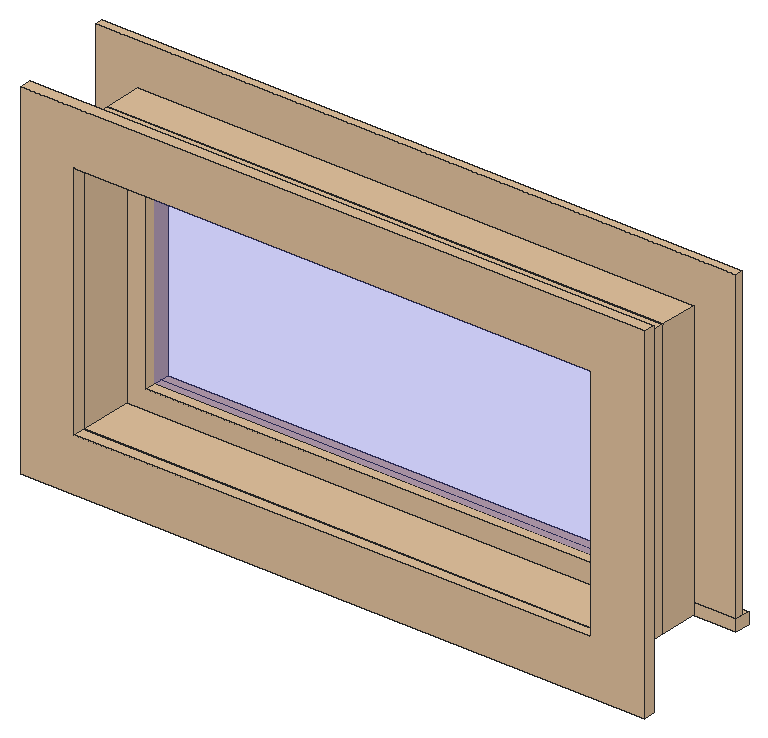
Revit family
Parameters (values of type "36" x 18"")
  Assembly Code = "B2020100"
  Glass Pane Material = Glass
  Height = 1' - 6"
  Sash Material = Sash
  Default Sill Height = 7' - 1"
  Trim Exterior Material = Trim
  Trim Interior Material = Trim
  Trim Projection - Ext. = 0' - 0 1/2"
  Trim Projection - Int. = 0' - 0 3/4"
  Trim Width - Exterior = 0' - 3 1/2"
  Trim Width - Interior = 0' - 3 1/2"
  Wall Closure = (empty or 0)
  Width = 3' - 0"
  Window Inset = 0' - 0 3/4"
Types (11): name | Glass Pane Material | Height | Sash Material | Trim Exterior Material | Trim Interior Material | Width
  (no name) | Glass | 1' - 6" | Sash | Trim | Trim | 3' - 0"
  24" x 24" | Glass | 2' - 0" | Sash | Trim | Trim | 2' - 0"
  36" x 24" | Glass | 2' - 0" | Sash | Trim | Trim | 3' - 0"
  48" x 24" | Glass | 2' - 0" | Sash | Trim | Trim | 4' - 0"
  60" x 24" | none | 2' - 0" | none | none | none | 5' - 0"
  72" x 24" | Glass | 2' - 0" | Sash | Trim | Trim | 6' - 0"
  24" x 18" | Glass | 1' - 6" | Sash | Trim | Trim | 2' - 0"
  36" x 18" | Glass | 1' - 6" | Sash | Trim | Trim | 3' - 0"
  48" x 18" | Glass | 1' - 6" | Sash | Trim | Trim | 4' - 0"
  60" x 18" | Glass | 1' - 6" | Sash | Trim | Trim | 5' - 0"
  72" x 18" | Glass | 1' - 6" | Sash | Trim | Trim | 6' - 0"
Reference planes (in)
  plane 1: y = 0
  plane 2: z = 0
  plane 3 "Center": x = -1.5
  plane 4 "Left": x = -19.5
  plane 5 "Right": x = 16.5
  plane 6 "Sill": z = 85
  plane 7 "Top": z = 103
  plane 8: y = 3
  plane 9: y = -3
  plane 10: y = 2.25
  plane 11: x = -18.75
  plane 12: x = -18.25
  plane 13: x = 15.75
  plane 14: x = 15.25
  plane 15: x = -22.25
  plane 16: x = -21.75
  plane 17: x = 18.75
  plane 18: x = 19.25
  plane 19: z = 105.75
  plane 20: z = 102.25
  plane 21: z = 101.75
  plane 22: z = 105.25
  plane 23: z = 86.25
  plane 24: z = 82.75
  plane 25 "Closure": y = 1.375
Forms (in)
  Extrusion 1, solid, material "Sash" <- "Sash Material"
    sketch origin (0, 0, 0) x (1, 0, 0) y (0, 0, 1)
      loop
        line (-19.5, 103) -> (-19.5, 85) -> (16.5, 85) -> (16.5, 103) -> (-19.5, 103)
      loop
        line (-18.75, 102.25) -> (-18.75, 85.75) -> (15.75, 85.75) -> (15.75, 102.25) -> (-18.75, 102.25)
    from -3 to -0.5
  Extrusion 2, solid, material "Sash" <- "Sash Material"
    sketch origin (0, 0, 0) x (-1, 0, 0) y (0, 0, 1)
      loop
        line (-16.5, 103) -> (-16.5, 85) -> (19.5, 85) -> (19.5, 103) -> (-16.5, 103)
      loop
        line (-15.25, 101.75) -> (-15.25, 86.25) -> (18.25, 86.25) -> (18.25, 101.75) -> (-15.25, 101.75)
    from 0.5 to -3
  Extrusion 3, solid, material "Sash" <- "Sash Material"
    sketch origin (0, 0, 0) x (-1, 0, 0) y (0, 0, 1)
      loop
        line (-15.75, 102.25) -> (-15.75, 85.75) -> (18.75, 85.75) -> (18.75, 102.25) -> (-15.75, 102.25)
      loop
        line (-14, 100.5) -> (-14, 87.5) -> (17, 87.5) -> (17, 100.5) -> (-14, 100.5)
    from 0.5 to 2.25
  Extrusion 4, solid, material "Glass" <- "Glass Pane Material"
    sketch origin (-4.9201, 0, -4.60771) x (1, 0, 0) y (0, 0, 1)
      loop
        line (-12.0799, 105.10771) -> (-12.0799, 92.10771) -> (18.9201, 92.10771) -> (18.9201, 105.10771) -> (-12.0799, 105.10771)
    from -1.625 to -1.125
  Extrusion 5, solid, material "Trim" <- "Trim Interior Material"
    sketch origin (0, 0, 0) x (1, 0, 0) y (0, 0, 1)
      loop
        line (-18.25, 101.75) -> (-18.25, 86.25) -> (15.25, 86.25) -> (15.25, 101.75) -> (-18.25, 101.75)
      loop
        line (-21.75, 105.25) -> (-21.75, 82.75) -> (18.75, 82.75) -> (18.75, 105.25) -> (-21.75, 105.25)
    from 3 to 3.75
  Extrusion 6, solid, material "Trim" <- "Trim Exterior Material"
    sketch origin (0, 0, 0) x (-1, 0, 0) y (0, 0, 1)
      loop
        line (-15.75, 102.25) -> (18.75, 102.25) -> (18.75, 85.75) -> (22.25, 85.75) -> (22.25, 105.75) -> (-19.25, 105.75) -> (-19.25, 85.75) -> (-15.75, 85.75) -> (-15.75, 102.25)
    from 3 to 3.5
  Extrusion 7, solid, material "Trim" <- "Trim Exterior Material"
    sketch origin (0, 0, 0) x (-1, 0, 0) y (0, 0, 1)
      loop
        line (-19.25, 85.75) -> (-19.25, 85) -> (22.25, 85) -> (22.25, 85.75) -> (-19.25, 85.75)
    from 3 to 4
Lines and regions (in)
  Opening 1
    outline origin (-60, -3, 0) x (1, 0, 0) y (0, 0, 1)
      loop
        line (40.5, 103) -> (40.5, 85) -> (76.5, 85) -> (76.5, 103) -> (40.5, 103)
  symbolic lines, style "WindowsFrameMullionProjection"
    curve 1: line (-19.5, 3, 0) -> (-18.75, 3, 0)
    curve 2: line (-18.75, 0.5, 0) -> (-18.75, 3, 0)
    curve 3: line (-18.75, 0.5, 0) -> (-18.25, 0.5, 0)
    curve 4: line (-18.25, -3, 0) -> (-18.25, 0.5, 0)
    curve 5: line (16.5, 3, 0) -> (15.75, 3, 0)
    curve 6: line (15.25, 0.5, 0) -> (15.25, -3, 0)
    curve 7: line (15.25, 0.5, 0) -> (15.75, 0.5, 0)
    curve 8: line (15.75, 0.5, 0) -> (15.75, 3, 0)
    curve 9: line (-18.75, 2.25, 0) -> (-17, 2.25, 0)
    curve 10: line (-18.75, 2.25, 0) -> (-18.75, 0.5, 0)
    curve 11: line (-18.75, 0.5, 0) -> (-17, 0.5, 0)
    curve 12: line (-17, 2.25, 0) -> (-17, 0.5, 0)
    curve 13: line (15.75, 2.25, 0) -> (14, 2.25, 0)
    curve 14: line (15.75, 2.25, 0) -> (15.75, 0.5, 0)
    curve 15: line (15.75, 0.5, 0) -> (14, 0.5, 0)
    curve 16: line (14, 2.25, 0) -> (14, 0.5, 0)
    curve 18: line (-18.25, -3, 0) -> (-19.5, -3, 0)
    curve 19: line (15.25, -3, 0) -> (16.5, -3, 0)
  symbolic lines, style "WindowsGlassProjection"
    curve 17: line (-17, 1.375, 0) -> (14, 1.375, 0)
Text (in)
  text "EXTERIOR" at (-56.58296, 53.32073, 0), in view "Floor Line"
  text "INTERIOR" at (-58.6888, -35.2679, 0), in view "Floor Line"
  text "Exterior" at (0, 43.65631, 134.44969), in view "Left"
  text "Exterior" at (0, 18.29385, 125.04747), in view "Right"
Dimensions and locks (in)
  equal spacing: plane 4 "Left", plane 3 "Center", plane 5 "Right"
  "Width": plane 4 "Left" to plane 5 "Right"
  plane 2 to plane 24 to plane 6 "Sill" to plane 21 to plane 7 "Top" = 6' - 10 3/4", 0' - 2 1/4", 1' - 4 3/4", 0' - 1 1/4"
  "Window Inset": plane 8 to plane 10
  locked: plane 10 to Extrusion 3 at 1.75
  locked: plane 10 to Extrusion 4 at 0.625
  locked: Extrusion 4 to Extrusion 4 at 0.5
  "Trim Projection - Int.": Extrusion 5 to Extrusion 5
  "Trim Projection - Ext.": Extrusion 6 to Extrusion 6
  locked: Extrusion 7 sketch curve to Extrusion 1 at 0.75
  locked: Extrusion 7 to Extrusion 6 at 0.5
  locked: plane 4 "Left" to plane 11 at 0.75
  locked: plane 13 to plane 5 "Right" at 0.75
  locked: plane 14 to plane 5 "Right" at 1.25
  locked: plane 4 "Left" to plane 12 at 1.25
  "Trim Width - Exterior": plane 13 to plane 18
  "Trim Width - Exterior": plane 15 to plane 11
  locked: plane 20 to plane 7 "Top" at 0.75
  "Trim Width - Exterior": plane 20 to plane 19
  "Trim Width - Interior": plane 16 to plane 12
  "Trim Width - Interior": plane 14 to plane 17
  locked: plane 7 "Top" to plane 21 at 1.25
  "Trim Width - Interior": plane 22 to plane 21
  locked: plane 23 to plane 6 "Sill" at 1.25
  "Trim Width - Interior": plane 23 to plane 24
  "Height": plane 7 "Top" to plane 6 "Sill"
  "Default Sill Height": plane 6 "Sill" to plane 2
  locked: plane 25 "Closure" to plane 10 at 0.875
  aligned and locked: plane 7 "Top" to Opening 1 sketch curve
  aligned and locked: plane 6 "Sill" to Opening 1 sketch curve  (x2)
  aligned and locked: plane 5 "Right" to Opening 1 sketch curve
  aligned and locked: plane 4 "Left" to Opening 1 sketch curve
  aligned and locked: plane 9 to host wall
  aligned and locked: host wall to Extrusion 2
  aligned and locked: plane 10 to Extrusion 3
  aligned and locked: plane 8 to host wall
  aligned and locked: host wall to Extrusion 1
  aligned and locked: Extrusion 2 to Extrusion 1
  aligned and locked: Extrusion 1 to Extrusion 3
  aligned and locked: Extrusion 4 sketch curve to Extrusion 3  (x4)
  aligned and locked: curve 5 to Extrusion 1  (x2)
  aligned and locked: curve 6 to Extrusion 2
  aligned and locked: curve 4 to Extrusion 2
  aligned and locked: curve 16 to Extrusion 3
  aligned and locked: Extrusion 1 to curve 11
  aligned and locked: Extrusion 1 to curve 7
  aligned and locked: Extrusion 5 sketch curve to Extrusion 2  (x4)
  aligned and locked: Extrusion 5 to host wall
  aligned and locked: Extrusion 6 sketch curve to Extrusion 1  (x4)
  aligned and locked: Extrusion 6 to host wall
  aligned and locked: Extrusion 7 sketch curve to Extrusion 6  (x2)
  aligned and locked: Extrusion 7 to host wall
Automatic sketch dimensions
  Extrusion 1 sketch curve to plane 4 "Left" = 0' - 0"
  Extrusion 1 sketch curve to plane 5 "Right" = 0' - 0"
  Extrusion 1 sketch curve to plane 4 "Left" = 0' - 0 3/4"
  plane 5 "Right" to Extrusion 1 sketch curve = 0' - 0 3/4"
  Extrusion 1 sketch curve to plane 6 "Sill" = 0' - 0"
  Extrusion 1 sketch curve to plane 7 "Top" = 0' - 0"
  Extrusion 1 sketch curve to plane 6 "Sill" = 0' - 0 3/4"
  plane 7 "Top" to Extrusion 1 sketch curve = 0' - 0 3/4"
  Extrusion 2 sketch curve to plane 5 "Right" = 0' - 0"
  Extrusion 2 sketch curve to plane 4 "Left" = 0' - 0"
  plane 5 "Right" to Extrusion 2 sketch curve = 0' - 1 1/4"
  Extrusion 2 sketch curve to plane 4 "Left" = 0' - 1 1/4"
  Extrusion 2 sketch curve to plane 6 "Sill" = 0' - 0"
  Extrusion 2 sketch curve to plane 7 "Top" = 0' - 0"
  Extrusion 2 sketch curve to plane 6 "Sill" = 0' - 1 1/4"
  plane 7 "Top" to Extrusion 2 sketch curve = 0' - 1 1/4"
  plane 5 "Right" to Extrusion 3 sketch curve = 0' - 0 3/4"
  plane 5 "Right" to Extrusion 3 sketch curve = 0' - 2 1/2"
  Extrusion 3 sketch curve to plane 4 "Left" = 0' - 2 1/2"
  Extrusion 3 sketch curve to plane 4 "Left" = 0' - 0 3/4"
  Extrusion 3 sketch curve to plane 6 "Sill" = 0' - 0 3/4"
  Extrusion 3 sketch curve to plane 6 "Sill" = 0' - 2 1/2"
  plane 7 "Top" to Extrusion 3 sketch curve = 0' - 2 1/2"
  plane 7 "Top" to Extrusion 3 sketch curve = 0' - 0 3/4"
  curve 18 to plane 4 "Left" = 0' - 0"
  curve 1 to plane 4 "Left" = 0' - 0"
  curve 2 to plane 8 = 0' - 0"
  curve 10 to plane 10 = 0' - 0"
  curve 13 to plane 10 = 0' - 0"
  curve 19 to plane 5 "Right" = 0' - 0"
  curve 1 to curve 2 = 0' - 0 3/4"
  curve 9 to curve 12 = 0' - 1 3/4"
  plane 5 "Right" to curve 13 = 0' - 0 3/4"
  curve 19 to plane 9 = 0' - 0"
  curve 4 to plane 9 = 0' - 0"
  curve 11 to curve 17 = 0' - 0 7/8"
  Extrusion 7 sketch curve to plane 15 = 0' - 0"
  Extrusion 5 sketch curve to plane 16 = 0' - 0"
  Extrusion 5 sketch curve to plane 17 = 0' - 0"
  Extrusion 5 sketch curve to plane 24 = 0' - 0"
  Extrusion 5 sketch curve to plane 22 = 0' - 0"
  Extrusion 6 sketch curve to plane 18 = 0' - 0"
  Extrusion 6 sketch curve to plane 15 = 0' - 0"
  Extrusion 6 sketch curve to plane 19 = 0' - 0"
  Extrusion 6 sketch curve to plane 6 "Sill" = 0' - 0 3/4"
